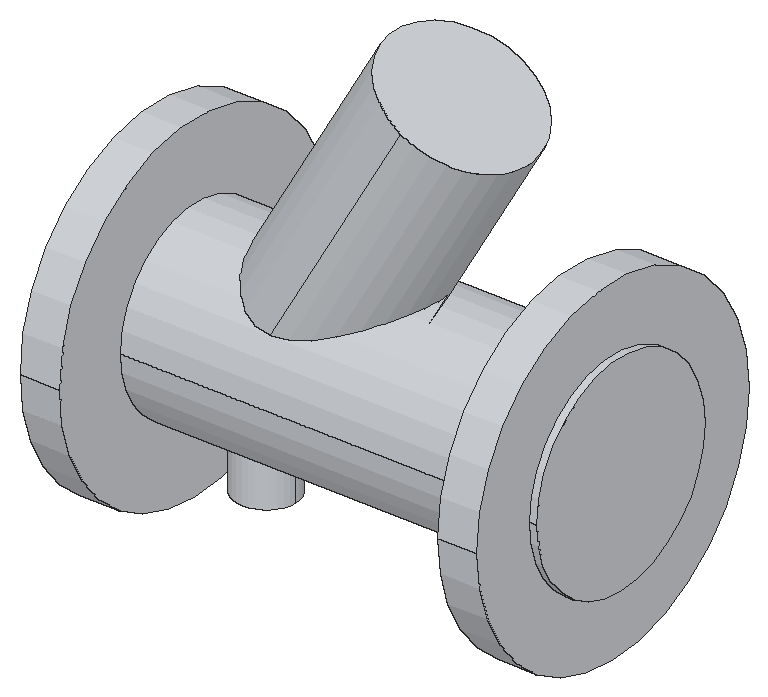
Revit family "HS 821-síto_standard-PN40-DN050-RFA_2018", category Pipe Accessories, Revit 2018
Family settings
  Round Connector Dimension = Use Diameter
  Part Type = Breaks Into
  Work Plane-Based = No
  Always vertical = Yes
  Cut with Voids When Loaded = No
  Shared = No
Parameters (values of type "821F-DN050-PN40-síto_standard")
  magiProductId = "c451f97266fe48da8f879cb6a2bd44"
  magiProductFamilyId = "79214ac3aaa945e397802f559f5c1e"
  magiPartTypeId = 307
  isMeasuringValve [instance] = no
  ang2D [instance] = 0.00°
  ZB__ve = -ZB  # -26.75 mm
  ZB1 = 41.31 mm
  ZB = 26.75 mm
  X2 = 79.061 mm
  X1 = 32.2 mm
  W2D = 15 mm
  VersionID = "2.0/2017.9.26.1/ZETKAMA_821_001"
  Use Minimum Symbol Size [instance] = yes
  URL = "www.hydronic.cz"
  Type Comments = "Filtr přírubový; síto standardní; A-PN16 (-10~300°C); D-PN25 (-10~350°C); F-PN40 (-10~400°C)"
  S = 102 mm
  QmdConnectorList = "301;D;302;D"
  Productdata [instance] = ""
  Manufacturer = "Hydronic Systems Prague s.r.o."
  MC Product Code = "240 650 (821F; DN050; PN40; kvs57,9; oko síta 1,00mm)"
  LM1 = 18.4 mm
  LM = 184 mm
  L4 = 57.5 mm
  L2D_Min = 3048 mm
  L2D = 130 mm
  L2 = 115 mm
  HH2 = 136.938 mm
  FD = 165 mm
  Description = "Filtr přírubový; síto standardní; 821A-PN16; 821D-PN25; 821F-PN40"
  DM1 = 73.8 mm
  DM = 91.8 mm
  D = 50 mm
  CC = 3.91 mm
  CAT0 = yes
  C1 = 19.09 mm
  C = 23 mm
  BD = 28.917 mm
Types (40, lengths in mm): name | magiProductId | ZB__ve | ZB1 | ZB | X2 | X1 | S | MC Product Code | LM1 | LM | L4 | L2 | HH2 | FD | DM1 | DM | D | CC | C1 | C | BD
  821A-DN015-PN16-síto_standard | "a71bcfe8b393460598b23e8ddf7dc5" | -16.25 | 18.63 | 16.25 | 46.982 | 18.2 | 46 | "200 115 (821A; DN015; PN16; kvs6,3; oko síta 1,00mm)" | 10.4 | 104 | 32.5 | 65 | 81.375 | 95 | 27.6 | 41.4 | 15 | 2.21 | 10.79 | 13 | 13.041
  821A-DN020-PN16-síto_standard | "41cd6c7a12924f4991217528336076" | -17.75 | 22.68 | 17.75 | 51.673 | 21 | 56 | "200 120 (821A; DN020; PN16; kvs11,2; oko síta 1,00mm)" | 12 | 120 | 37.5 | 75 | 89.5 | 105 | 33.6 | 50.4 | 20 | 2.55 | 12.45 | 15 | 15.876
  821A-DN025-PN16-síto_standard | "be378b463ed14c3abf4c9b3ae8cf3a" | -19.25 | 26.325 | 19.25 | 58.601 | 22.4 | 65 | "200 125 (821A; DN025; PN16; kvs14,7; oko síta 1,00mm)" | 12.8 | 128 | 40 | 80 | 101.5 | 115 | 43.2 | 58.5 | 25 | 2.72 | 13.28 | 16 | 18.427
  821A-DN032-PN16-síto_standard | "227a0d18b21540afabe8b6067d35fa" | -23 | 30.78 | 23 | 68.849 | 25.2 | 76 | "200 132 (821A; DN032; PN16; kvs23,7; oko síta 1,00mm)" | 14.4 | 144 | 45 | 90 | 119.25 | 140 | 50.4 | 68.4 | 32 | 3.06 | 14.94 | 18 | 21.546
  821A-DN040-PN16-síto_standard | "d106917c74724141a10440112d0102" | -24.5 | 34.02 | 24.5 | 75.777 | 28 | 84 | "200 140 (821A; DN040; PN16; kvs37,7; oko síta 1,00mm)" | 16 | 160 | 50 | 100 | 131.25 | 150 | 60 | 75.6 | 40 | 3.4 | 16.6 | 20 | 23.814
  821A-DN050-PN16-síto_standard | "8255d456a09e4f6486734f5dd9171b" | -26.75 | 40.095 | 26.75 | 79.061 | 32.2 | 99 | "200 150 (821A; DN050 PN16; kvs57,9; oko síta 1,00mm)" | 18.4 | 184 | 57.5 | 115 | 136.938 | 165 | 73.8 | 89.1 | 50 | 3.91 | 19.09 | 23 | 28.066
  821A-DN065-PN16-síto_standard | "235b1b3e4c0843779a4d5e3716d40a" | -29.75 | 47.79 | 29.75 | 86.927 | 40.6 | 118 | "200 165 (821A; DN065; PN16; kvs101,5; oko síta 1,25mm)" | 23.2 | 232 | 72.5 | 145 | 150.562 | 185 | 94.2 | 106.2 | 65 | 4.93 | 24.07 | 29 | 33.453
  821A-DN080-PN16-síto_standard | "a067f7c5236348ed8c820d16df7214" | -32 | 53.46 | 32 | 104.753 | 43.4 | 132 | "200 180 (821A; DN080; PN16; kvs147,4; oko síta 1,25mm)" | 24.8 | 248 | 77.5 | 155 | 181.438 | 200 | 107.4 | 118.8 | 80 | 5.27 | 25.73 | 31 | 37.422
  821A-DN100-PN16-síto_standard | "c49a648c2747461285837d643703cd" | -35 | 63.18 | 35 | 114.857 | 49 | 156 | "200 190 (821A; DN100; PN16; kvs209,6; oko síta 1,60mm)" | 28 | 280 | 87.5 | 175 | 198.937 | 220 | 131.4 | 140.4 | 100 | 5.95 | 29.05 | 35 | 44.226
  821A-DN125-PN16-síto_standard | "bf68e728a163493cbd2a663b26ebdc" | -39.5 | 74.52 | 39.5 | 131.888 | 56 | 184 | "200 191 (821A; DN125; PN16; kvs326,2; oko síta 1,60mm)" | 32 | 320 | 100 | 200 | 228.438 | 250 | 165 | 165.6 | 125 | 6.8 | 33.2 | 40 | 52.164
  821A-DN150-PN16-síto_standard | "2de770284b654863ae6bc865769dc5" | -44.75 | 85.455 | 44.75 | 155.885 | 67.2 | 211 | "200 192 (821A; DN150; PN16; kvs403; oko síta 1,60mm)" | 38.4 | 384 | 120 | 240 | 270 | 285 | 192 | 189.9 | 150 | 8.16 | 39.84 | 48 | 59.818
  821A-DN200-PN16-síto_standard | "8e5693371ab64aabb29a7f08c76e15" | -53 | 107.73 | 53 | 188.361 | 84 | 266 | "200 193 (821A; DN200; PN16; kvs707; oko síta 1,60mm)" | 48 | 480 | 150 | 300 | 326.25 | 340 | 252 | 239.4 | 200 | 10.2 | 49.8 | 60 | 75.411
  821A-DN250-PN16-síto_standard | "05e37ed948c34047acdd4c42556504" | -62.75 | 129.195 | 62.75 | 255.911 | 102.2 | 319 | "200 194 (821A; DN250; PN16; kvs1234; oko síta 1,60mm)" | 58.4 | 584 | 182.5 | 365 | 443.25 | 405 | 309.6 | 287.1 | 250 | 12.41 | 60.59 | 73 | 90.436
  821A-DN300-PN16-síto_standard | "9ad0af747269428da925480d83ce80" | -71 | 149.85 | 71 | 325.914 | 119 | 370 | "200 195 (821A; DN300; PN16; kvs1916; oko síta 1,60mm)" | 68 | 680 | 212.5 | 425 | 564.5 | 460 | 369.6 | 333 | 300 | 14.45 | 70.55 | 85 | 104.895
  821A-DN350-PN16-síto_standard | "eebc71459bb3451bb4355e7951370a" | -80 | 173.745 | 80 | 356.875 | 137.2 | 429 | "200 196 (821A; DN350; PN16; kvs2621; oko síta 1,60mm)" | 78.4 | 784 | 245 | 490 | 618.125 | 520 | 438 | 386.1 | 350 | 16.66 | 81.34 | 98 | 121.621
  821A-DN400-PN16-síto_standard | "d2f677cb196647e385b2590e7d8abe" | -89 | 194.4 | 89 | 392.237 | 154 | 480 | "200 197 (821A; DN400; PN16; kvs3460; oko síta 1,60mm)" | 88 | 880 | 275 | 550 | 679.375 | 580 | 498 | 432 | 400 | 18.7 | 91.3 | 110 | 136.08
  821D-DN015-PN25-síto_standard | "27ddcbf555414f8ca1fde329bf9087" | -16.25 | 18.63 | 16.25 | 46.982 | 18.2 | 46 | "200 215 (821D; DN015; PN25; kvs6,3; oko síta 1,00mm)" | 10.4 | 104 | 32.5 | 65 | 81.375 | 95 | 27.6 | 41.4 | 15 | 2.21 | 10.79 | 13 | 13.041
  821D-DN020-PN25-síto_standard | "270e0f14012f47189cd0235c18faee" | -17.75 | 22.68 | 17.75 | 51.673 | 21 | 56 | "200 220 (821D; DN020; PN25; kvs11,2; oko síta 1,00mm)" | 12 | 120 | 37.5 | 75 | 89.5 | 105 | 33.6 | 50.4 | 20 | 2.55 | 12.45 | 15 | 15.876
  821D-DN025-PN25-síto_standard | "b9a7fb4aa36643878c637d8e1ab992" | -19.25 | 26.325 | 19.25 | 58.601 | 22.4 | 65 | "200 225 (821D; DN025; PN25; kvs14,7; oko síta 1,00mm)" | 12.8 | 128 | 40 | 80 | 101.5 | 115 | 43.2 | 58.5 | 25 | 2.72 | 13.28 | 16 | 18.427
  821D-DN032-PN25-síto_standard | "6be9a55c4e68400f94eec7e804204c" | -23 | 30.78 | 23 | 68.849 | 25.2 | 76 | "200 232 (821D; DN032; PN25; kvs23,7; oko síta 1,00mm)" | 14.4 | 144 | 45 | 90 | 119.25 | 140 | 50.4 | 68.4 | 32 | 3.06 | 14.94 | 18 | 21.546
  821D-DN040-PN25-síto_standard | "c54511bd7f584ec2984291479612cb" | -24.5 | 34.02 | 24.5 | 75.777 | 28 | 84 | "200 240 (821D; DN040; PN25; kvs37,7; oko síta 1,00mm)" | 16 | 160 | 50 | 100 | 131.25 | 150 | 60 | 75.6 | 40 | 3.4 | 16.6 | 20 | 23.814
  821D-DN050-PN25-síto_standard | "5483b1f596b04cd39b23a14a22c90e" | -26.75 | 40.095 | 26.75 | 79.061 | 32.2 | 99 | "200 250 (821D; DN050; PN25; kvs57,9; oko síta 1,00mm)" | 18.4 | 184 | 57.5 | 115 | 136.938 | 165 | 73.8 | 89.1 | 50 | 3.91 | 19.09 | 23 | 28.066
  821D-DN065-PN25-síto_standard | "767b0f8318e94750bc7a9930ed5b30" | -29.75 | 47.79 | 29.75 | 86.927 | 40.6 | 118 | "200 265 (821D; DN065; PN25; kvs101,5; oko síta 1,25mm)" | 23.2 | 232 | 72.5 | 145 | 150.562 | 185 | 94.2 | 106.2 | 65 | 4.93 | 24.07 | 29 | 33.453
  821D-DN080-PN25-síto_standard | "e21040fa3cc2404b858198f6b73709" | -32 | 53.46 | 32 | 104.753 | 43.4 | 132 | "200 280 (821D; DN080; PN25; kvs147,4; oko síta 1,25mm)" | 24.8 | 248 | 77.5 | 155 | 181.438 | 200 | 107.4 | 118.8 | 80 | 5.27 | 25.73 | 31 | 37.422
  821D-DN100-PN25-síto_standard | "175ca87a506b40b3bc6b82f12f33cf" | -37.25 | 63.18 | 37.25 | 114.857 | 49 | 156 | "200 290 (821D; DN100; PN25; kvs209,6; oko síta 1,60mm)" | 28 | 280 | 87.5 | 175 | 198.937 | 235 | 131.4 | 140.4 | 100 | 5.95 | 29.05 | 35 | 44.226
  821D-DN125-PN25-síto_standard | "77cc98d60da24855999a22dff726b2" | -42.5 | 74.52 | 42.5 | 131.888 | 56 | 184 | "200 291 (821D; DN125; PN25; kvs326,2; oko síta 1,60mm)" | 32 | 320 | 100 | 200 | 228.438 | 270 | 165 | 165.6 | 125 | 6.8 | 33.2 | 40 | 52.164
  821D-DN150-PN25-síto_standard | "9cf8acfcd15547d68e83172d3abcbe" | -47 | 85.455 | 47 | 155.885 | 67.2 | 211 | "200 292 (821D; DN150; PN25; kvs403; oko síta 1,60mm)" | 38.4 | 384 | 120 | 240 | 270 | 300 | 192 | 189.9 | 150 | 8.16 | 39.84 | 48 | 59.818
  821D-DN200-PN25-síto_standard | "16973f3c9ea14389ba8602495a6b64" | -56 | 110.97 | 56 | 188.361 | 84 | 274 | "200 293 (821D; DN200; PN25; kvs707; oko síta 1,60mm)" | 48 | 480 | 150 | 300 | 326.25 | 360 | 252 | 246.6 | 200 | 10.2 | 49.8 | 60 | 77.679
  821F-DN015-PN40-síto_standard | "4c7eaf3c4c0340888b3e684d8a8616" | -16.25 | 18.225 | 16.25 | 46.982 | 18.2 | 45 | "240 615 (821F; DN015; PN40; kvs6,3; oko síta 1,00mm)" | 10.4 | 104 | 32.5 | 65 | 81.375 | 95 | 27.6 | 40.5 | 15 | 2.21 | 10.79 | 13 | 12.757
  821F-DN020-PN40-síto_standard | "aaac5f1ec96b44d6ba96ac2293d66d" | -17.75 | 23.49 | 17.75 | 51.673 | 21 | 58 | "240 620 (821F; DN020; PN40; kvs11,2; oko síta 1,00mm)" | 12 | 120 | 37.5 | 75 | 89.5 | 105 | 33.6 | 52.2 | 20 | 2.55 | 12.45 | 15 | 16.443
  821F-DN025-PN40-síto_standard | "504768023968471481789485b54c7e" | -19.25 | 27.54 | 19.25 | 58.601 | 22.4 | 68 | "240 625 (821F; DN025; PN40; kvs14,7; oko síta 1,00mm)" | 12.8 | 128 | 40 | 80 | 101.5 | 115 | 43.2 | 61.2 | 25 | 2.72 | 13.28 | 16 | 19.278
  821F-DN032-PN40-síto_standard | "165e7f39cf744f329bdf1c400dad12" | -23 | 31.59 | 23 | 68.849 | 25.2 | 78 | "240 632 (821F; DN032; PN40; kvs23,7; oko síta 1,00mm)" | 14.4 | 144 | 45 | 90 | 119.25 | 140 | 50.4 | 70.2 | 32 | 3.06 | 14.94 | 18 | 22.113
  821F-DN040-PN40-síto_standard | "b8903f952089408fbf3a5a632bab1f" | -24.5 | 35.64 | 24.5 | 75.777 | 28 | 88 | "240 640 (821F; DN040; PN40; kvs37,7; oko síta 1,00mm)" | 16 | 160 | 50 | 100 | 131.25 | 150 | 60 | 79.2 | 40 | 3.4 | 16.6 | 20 | 24.948
  821F-DN050-PN40-síto_standard | "c451f97266fe48da8f879cb6a2bd44" | -26.75 | 41.31 | 26.75 | 79.061 | 32.2 | 102 | "240 650 (821F; DN050; PN40; kvs57,9; oko síta 1,00mm)" | 18.4 | 184 | 57.5 | 115 | 136.938 | 165 | 73.8 | 91.8 | 50 | 3.91 | 19.09 | 23 | 28.917
  821F-DN065-PN40-síto_standard | "dc9821e3f9b34e128f6a8c6b34c198" | -29.75 | 49.41 | 29.75 | 86.927 | 40.6 | 122 | "240 665 (821F; DN065; PN40; kvs101,5; oko síta 1,25mm)" | 23.2 | 232 | 72.5 | 145 | 150.562 | 185 | 94.2 | 109.8 | 65 | 4.93 | 24.07 | 29 | 34.587
  821F-DN080-PN40-síto_standard | "689aa1e260f84cf4994f027a1d86b5" | -32 | 55.89 | 32 | 104.753 | 43.4 | 138 | "240 680 (821F; DN080; PN40; kvs147,4; oko síta 1,25mm)" | 24.8 | 248 | 77.5 | 155 | 181.438 | 200 | 107.4 | 124.2 | 80 | 5.27 | 25.73 | 31 | 39.123
  821F-DN100-PN40-síto_standard | "8a45d4e8e2ab425f8c432f21d684f3" | -37.25 | 65.61 | 37.25 | 114.857 | 49 | 162 | "240 690 (821F; DN100; PN40; kvs209,6; oko síta 1,6mm)" | 28 | 280 | 87.5 | 175 | 198.937 | 235 | 131.4 | 145.8 | 100 | 5.95 | 29.05 | 35 | 45.927
  821F-DN125-PN40-síto_standard | "cf073904c006406b8645afa67ea2fc" | -42.5 | 76.14 | 42.5 | 131.888 | 56 | 188 | "240 691 (821F; DN125; PN40; kvs326,2; oko síta 1,6mm)" | 32 | 320 | 100 | 200 | 228.438 | 270 | 165 | 169.2 | 125 | 6.8 | 33.2 | 40 | 53.298
  821F-DN150-PN40-síto_standard | "0153b9ddabe14992a630484929fdbc" | -47 | 88.29 | 47 | 155.885 | 67.2 | 218 | "240 692 (821F; DN150; PN40; kvs403; oko síta 1,6mm)" | 38.4 | 384 | 120 | 240 | 270 | 300 | 192 | 196.2 | 150 | 8.16 | 39.84 | 48 | 61.803
  821F-DN200-PN40-síto_standard | "7fb3fc01dd8d42428c203e3f8dd4d5" | -56 | 115.425 | 56 | 188.361 | 84 | 285 | "240 693 (821F; DN200; PN40; kvs707; oko síta 1,6mm)" | 48 | 480 | 150 | 300 | 326.25 | 360 | 252 | 256.5 | 200 | 10.2 | 49.8 | 60 | 80.797
Reference planes
  plane 1 "Center (Front/Back)": y = 0
  plane 2 "XYPLANE": z = 0
  plane 3 "Center (Left/Right)": x = 0
  plane 4 "109": x = -73.6
  plane 5 "108": x = 92
  plane 6 "107": x = -92
  plane 7 "105": x = 115
  plane 8 "104": x = -115
  plane 9 "103": y = 0
  plane 10 "102": z = 0
  plane 11 "101": x = -111.09
  plane 12 "100": x = 111.09
  plane 13 "11": x = -41.4
  plane 14 "10": z = 136.938
  plane 15 "9": x = 37.661
  plane 16 "5": z = -41.31
  plane 17 "4": x = -57.5
  plane 18 "1": x = 57.5
Forms (mm)
  Extrusion 1, solid, visible <- "CAT0"
    sketch origin (-92, -750, 0) x (0, 1, 0) y (0, 0, 1)
      loop
        circle (750, 0) r 45.9
    from 0 to 184 <- "LM"
  Extrusion 2, solid
    sketch origin (-115, -750, 0) x (0, 1, 0) y (0, 0, 1)
      loop
        circle (750, 0) r 51
    from 0 to 3.91 <- "CC"
  Extrusion 3, solid
    sketch origin (-111.09, -750, 0) x (0, 1, 0) y (0, 0, 1)
      loop
        circle (750, 0) r 82.5
    from 0 to 19.09 <- "C1"
  Extrusion 4, solid
    sketch origin (92, -750, 0) x (0, 1, 0) y (0, 0, 1)
      loop
        circle (750, 0) r 82.5
    from 0 to 19.09 <- "C1"
  Extrusion 5, solid
    sketch origin (111.09, -750, 0) x (0, 1, 0) y (0, 0, 1)
      loop
        circle (750, 0) r 51
    from 0 to 3.91 <- "CC"
  Sweep 6, solid, visible <- "CAT0"
    path origin (750, 0, 0) x (-1, 0, 0) y (0, 0, 1)
      loop
        line (842, 0) -> (791.4, 0) -> (712.339, 136.938)
    profile origin (-92, 0, 0) x (0, 0, -1) y (0, 1, 0)
      loop
        circle (0, 0) r 36.9
  Extrusion 7, solid, visible <- "CAT0"
    sketch origin (-750, 0, -41.31) x (1, 0, 0) y (0, 1, 0)
      loop
        circle (692.5, 0) r 14.458
    from 0 to -26.75 <- "ZB__ve"
  Extrusion 8, solid, visible <- "CAT0"
    sketch origin (-750, 0, -41.31) x (1, 0, 0) y (0, 1, 0)
      loop
        circle (807.5, 0) r 14.458
    from 0 to -26.75 <- "ZB__ve"
  Extrusion 9, solid, not visible
    sketch origin (115, -750, 0) x (0, 1, 0) y (0, 0, 1)
      loop
        circle (750, 0) r 10
    from 0 to -10
  Extrusion 10, solid, not visible
    sketch origin (-115, -750, 0) x (0, 1, 0) y (0, 0, 1)
      loop
        circle (750, 0) r 10
    from 0 to 10
Lines and regions (mm)
  reference lines, not visible
    curve 1: circle (2, 2, 0) r 1 normal (0, 0, 1)
Dimensions and locks
  plane 1 "Center (Front/Back)" to curve 1 = 2 mm
  "LM1": plane 6 "107" to plane 4 "109"
  "LM": plane 6 "107" to plane 5 "108"
  "C": plane 8 "104" to plane 6 "107"
  "L2": plane 3 "Center (Left/Right)" to plane 7 "105"
  "L2": plane 3 "Center (Left/Right)" to plane 8 "104"
  locked: plane 1 "Center (Front/Back)" to plane 9 "103"
  locked: plane 2 "XYPLANE" to plane 10 "102"
  "CC": plane 8 "104" to plane 11 "101"
  "C1": plane 5 "108" to plane 12 "100"
  "X1": plane 4 "109" to plane 13 "11"
  "HH2": plane 2 "XYPLANE" to plane 14 "10"
  "X2": plane 13 "11" to plane 15 "9"
  "ZB1": plane 2 "XYPLANE" to plane 16 "5"
  "L4": plane 8 "104" to plane 17 "4"
  "L2": plane 17 "4" to plane 18 "1"
  Sweep 6 sketch curve to Sweep 6 sketch curve = 0 mm  (x2)
  "DM": diameter of Extrusion 1 sketch curve
  "S": diameter of Extrusion 2 sketch curve
  "FD": diameter of Extrusion 3 sketch curve
  "FD": diameter of Extrusion 4 sketch curve
  "S": diameter of Extrusion 5 sketch curve
  "DM1": diameter of Sweep 6 sketch curve
  "BD": diameter of Extrusion 7 sketch curve
  "BD": diameter of Extrusion 8 sketch curve
  aligned and locked: level to plane 2 "XYPLANE"
  aligned and locked: Extrusion 1 sketch curve to plane 9 "103"
  aligned and locked: plane 10 "102" to Extrusion 1 sketch curve
  aligned and locked: Extrusion 2 sketch curve to plane 9 "103"
  aligned and locked: plane 10 "102" to Extrusion 2 sketch curve
  aligned and locked: Extrusion 3 sketch curve to plane 9 "103"
  aligned and locked: plane 10 "102" to Extrusion 3 sketch curve
  aligned and locked: Extrusion 4 sketch curve to plane 9 "103"
  aligned and locked: plane 10 "102" to Extrusion 4 sketch curve
  aligned and locked: Extrusion 5 sketch curve to plane 9 "103"
  aligned and locked: plane 10 "102" to Extrusion 5 sketch curve
  aligned and locked: Sweep 6 sketch curve to plane 9 "103"
  aligned and locked: plane 10 "102" to Sweep 6 sketch curve  (x3)
  aligned and locked: plane 6 "107" to Sweep 6 sketch curve
  aligned and locked: plane 13 "11" to Sweep 6 sketch curve
  aligned and locked: plane 14 "10" to Sweep 6 sketch curve
  aligned and locked: plane 15 "9" to Sweep 6 sketch curve
  aligned and locked: plane 9 "103" to Extrusion 7 sketch curve
  aligned and locked: plane 17 "4" to Extrusion 7 sketch curve
  aligned and locked: plane 9 "103" to Extrusion 8 sketch curve
  aligned and locked: plane 18 "1" to Extrusion 8 sketch curve
  aligned and locked: Extrusion 9 sketch curve to plane 9 "103"
  aligned and locked: plane 10 "102" to Extrusion 9 sketch curve
  aligned and locked: Extrusion 10 sketch curve to plane 9 "103"
  aligned and locked: plane 10 "102" to Extrusion 10 sketch curve
Automatic sketch dimensions
  plane 1 "Center (Front/Back)" to Extrusion 9 sketch curve = 10 mm
  plane 1 "Center (Front/Back)" to Extrusion 10 sketch curve = 10 mm
  plane 3 "Center (Left/Right)" to curve 1 = 2 mm
  radius of curve 1 = 1 mm
Connectors
  piping at (-115, 0, 0), diameter 50, driven by "D"
    settings: on Extrusion 10, index 1, connector inside diameter 609.6 mm, connector length 0 mm, flow factor 0, pipe flow 0.0 L/s, pressure drop 0.0 Pa, fitting loss kfactor 0, connector angle 0.00°, fixture units 0, engagement length 0 mm, angle of deflection 0.00°, flow configuration 0, flow direction 0, fitting loss method 0, system type 29, joint type 0, gender type 0, connector reference index 2, connector utility 0, adjustable connector no, is connector primary yes, connector description ""
  piping at (115, 0, 0), diameter 50, driven by "D"
    settings: on Extrusion 9, index 2, connector inside diameter 609.6 mm, connector length 0 mm, flow factor 0, pipe flow 0.0 L/s, pressure drop 0.0 Pa, fitting loss kfactor 0, connector angle 0.00°, fixture units 0, engagement length 0 mm, angle of deflection 0.00°, flow configuration 0, flow direction 0, fitting loss method 0, system type 29, joint type 0, gender type 0, connector reference index 1, connector utility 0, adjustable connector no, is connector primary no, connector description ""
